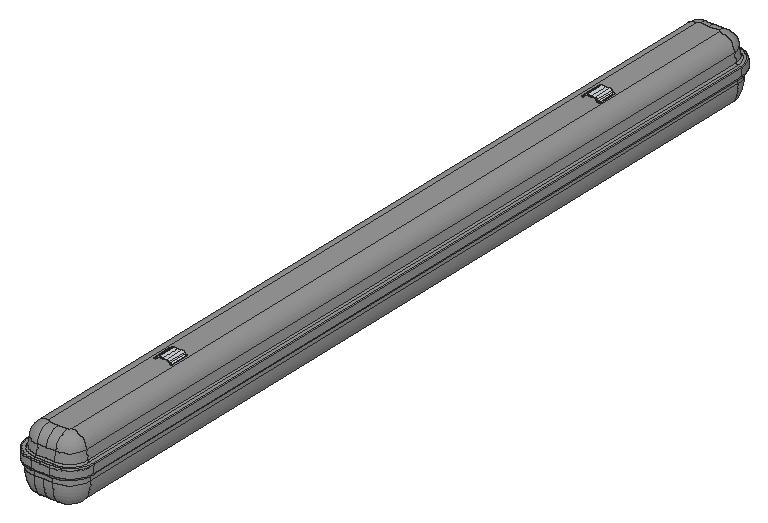
Revit family "63_UN_Lightline_WDO SV RS L1250_Norton", category Lighting Fixtures, Revit 2019
Family settings
  Round Connector Dimension = Use Diameter
  Part Type = Normal
  OmniClass Number = 23.80.70.11.14.11
  OmniClass Title = Downlights
  Work Plane-Based = No
  Always vertical = Yes
  Cut with Voids When Loaded = No
  Light Source = Yes
  Shared = No
  Room Calculation Point = Yes
Parameters (values of type "WDOSVRS 84 1 LM2600 1250")
  calc_length = Length - 40 mm  # 1242 mm
  Wattage Comments = "22W"
  Wattage = 18.8499 W
  built-in parameter 1150110 = 1 (stored number, unit not read)
  Voltage = 230 V
  URL = "https://www.ivlibrary.com/"
  Type Comments = "L1250"
  built-in parameter 1114217 = 1 (stored number, unit not read)
  Tilt Angle = 60.00°
  built-in parameter 1150109 = 1 (stored number, unit not read)
  built-in parameter 1150134 = 3
  Symbol_ToScale [instance] = not(Symbol_RealSize)  # yes
  Symbol_Size = Length / 100  # 12.82 mm
  Symbol_RealSize [instance] = no
  Switch Code [instance] = ""
  built-in parameter 1150113 = 1 (stored number, unit not read)
  Photometric Web File = "WDOSVRS 84 1 LM2600 1250_LDT.ies"
  Model = "WDO SV RS"
  Manufacturer = "Norton"
  built-in parameter 1150105 = 222.82 (stored number, unit not read)
  Luminous Flux (lm) = 2800 lm
  Lumens = 2800 lm
  built-in parameter 1150115 = 1 (stored number, unit not read)
  Luminaire Code [instance] = ""
  built-in parameter 1150137 = (empty or 0)
  built-in parameter 1150139 = (empty or 0)
  Length = 1282 mm
  built-in parameter 1150112 = 1 (stored number, unit not read)
  built-in parameter 1150114 = 1 (stored number, unit not read)
  Lamp = "LED"
  built-in parameter 1150132 = 2
  built-in parameter 1150102 = (empty or 0)
  built-in parameter 1150107 = 3200 (stored number, unit not read)
  built-in parameter 1150138 = (empty or 0)
  built-in parameter 1150106 = 2.2282 (stored number, unit not read)
  IfcExportType = "USERDEFINED"
  IfcExportAs = "IfcLightFixtureType"
  IP Value = "IP66"
  IK Value = "IK08"
  Housing_Material = Laminate, White
  Emit from Rectangle Width = calc_length  # 1242 mm
  Emit from Rectangle Length = 101 mm
  Emit Shape Visible in Rendering = no
  built-in parameter 1150104 = 13.8 (stored number, unit not read)
  Dimming Lamp Color Temperature Shift = <None>
  Description = ""
  Content Creator® = "www.ivlibrary.com"
  Color Filter = 16777215
  Bracket_Distance = 800 mm
  built-in parameter 1114218 = 1 (stored number, unit not read)
  built-in parameter 1150133 = 10 (stored number, unit not read)
  Assembly Code = "63.0"
  Apparent Load = 22 VA
Reference planes
  plane 1 "Center (Front/Back)": y = 0
  plane 2: z = 0
  plane 3 "Center (Left/Right)": x = 0
  plane 4: y = 621
  plane 5: y = -621
  plane 6: y = -637.192
  plane 7: y = 637
  plane 8: y = -400
  plane 9: y = 400
Forms (mm)
  Sweep 1, solid, material "Laminate, White" <- "Housing_Material"
    path origin (-26.25, 0, 0) x (1, 0, 0) y (0, 1, 0)
      loop
        line (26.25, -621) -> (40, -621)
        arc (40, -621) -> (50.607, -616.607) -> (55, -606) r 15
        line (55, -606) -> (55, 606)
        arc (55, 606) -> (50.607, 616.607) -> (40, 621) r 15
        line (40, 621) -> (26.25, 621)
    profile origin (28.75, 0, 0) x (-1, 0, 0) y (0, 0, 1)
      loop
        line (13.75, -55) -> (13.75, -5) -> (11.564, -5)
        arc (11.564, -5) -> (-3.391, -10.765) -> (-10.607, -25.076) r 22.28
        line (-10.607, -25.076) -> (-11.924, -38.327)
        arc (-11.924, -38.327) -> (-12.75, -39.965) -> (-14.462, -40.625) r 2.551
        line (-14.462, -40.625) -> (-19.75, -40.625)
        arc (-19.75, -40.625) -> (-20.811, -41.064) -> (-21.25, -42.125) r 1.5
        line (-21.25, -42.125) -> (-21.25, -53.5)
        arc (-21.25, -53.5) -> (-20.811, -54.561) -> (-19.75, -55) r 1.5
        line (-19.75, -55) -> (13.75, -55)
  Sweep 2, solid, material "Laminate, White" <- "Housing_Material"
    path origin (26.25, 0, 0) x (-1, 0, 0) y (0, 1, 0)
      loop
        line (26.25, -621) -> (40, -621)
        arc (40, -621) -> (50.607, -616.607) -> (55, -606) r 15
        line (55, -606) -> (55, 606)
        arc (55, 606) -> (50.607, 616.607) -> (40, 621) r 15
        line (40, 621) -> (26.25, 621)
    profile origin (-28.75, 0, 0) x (-1, 0, 0) y (0, 0, 1)
      loop
        line (-14.225, -55) -> (19.75, -55)
        arc (19.75, -55) -> (20.811, -54.561) -> (21.25, -53.5) r 1.5
        line (21.25, -53.5) -> (21.25, -42.125)
        arc (21.25, -42.125) -> (20.811, -41.064) -> (19.75, -40.625) r 1.5
        line (19.75, -40.625) -> (14.462, -40.625)
        arc (14.462, -40.625) -> (12.75, -39.965) -> (11.924, -38.327) r 2.551
        line (11.924, -38.327) -> (10.607, -25.076)
        arc (10.607, -25.076) -> (3.391, -10.765) -> (-11.564, -5) r 22.28
        line (-11.564, -5) -> (-14.225, -5) -> (-14.225, -55)
  Sweep 3, solid, material "Glass, White, High Luminance"
    path origin (0, 0, 0) x (1, 0, 0) y (0, 1, 0)
      loop
        arc (-44.95, -605.992) -> (-35.812, -628.054) -> (-13.75, -637.192) r 31.2
        line (-13.75, -637.192) -> (0, -637.192) -> (13.75, -637.192)
        arc (13.75, -637.192) -> (35.812, -628.054) -> (44.95, -605.992) r 31.2
        line (44.95, -605.992) -> (44.95, 605.8)
        arc (44.95, 605.8) -> (35.812, 627.862) -> (13.75, 637) r 31.2
        line (13.75, 637) -> (0, 637) -> (-13.75, 637)
        arc (-13.75, 637) -> (-35.812, 627.862) -> (-44.95, 605.8) r 31.2
        line (-44.95, 605.8) -> (-44.95, -605.992)
    profile origin (-44.95, -0.096, 0) x (-1, 0, 0) y (0, 0, 1)
      loop
        line (0, -65) -> (0, -55) -> (-30.425, -55) -> (-30.425, -99.972) -> (-28.319, -99.972)
        spline (-28.319, -99.972) -> (-22.316, -99.519) -> (-17.22, -98.236) -> (-12.957, -96.239) -> (-9.455, -93.641) -> (-6.64, -90.557) -> (-4.438, -87.103) -> (-2.776, -83.392) -> (-1.581, -79.539) -> (-0.779, -75.658) -> (-0.297, -71.865) -> (-0.062, -68.274) -> (0, -65)
  Extrusion 4, solid, material "Laminate, White" <- "Housing_Material"
    sketch origin (0, 0, 0) x (1, 0, 0) y (0, 1, 0)
      loop
        line (-14.525, 607.25) -> (-14.525, -607.25) -> (15, -607.25) -> (15, 607.25) -> (-14.525, 607.25)
    from -5 to -55
  Extrusion 5, solid, material "Glass, White, High Luminance"
    sketch origin (0, 0, 0) x (1, 0, 0) y (0, 1, 0)
      loop
        line (-14.525, 606.575) -> (-14.525, -606.767) -> (14.525, -606.767) -> (14.525, 606.575) -> (-14.525, 606.575)
    from -55 to -99.972
Cuts and joins
  joined: Sweep 1, Sweep 2, Extrusion 4
  joined: Sweep 3, Extrusion 5
Lines and regions (mm)
  symbolic lines, visible <- "Symbol_RealSize"
    curve 1: line (-49.402, 641, 0) -> (50.598, 641, 0)
    curve 2: line (-49.402, -641, 0) -> (-49.402, 641, 0)
    curve 3: line (50.598, -641, 0) -> (-49.402, -641, 0)
    curve 4: line (50.598, 641, 0) -> (50.598, -641, 0)
Dimensions and locks
  "calc_length": plane 4 to plane 5
  equal spacing: plane 4, plane 1 "Center (Front/Back)", plane 5
  locked: plane 5 to plane 6 at 16.192
  locked: plane 7 to plane 4 at 16
  locked: Sweep 3 to plane 5 at 14.233
  locked: plane 4 to Extrusion 4 sketch curve at 13.75
  locked: Extrusion 5 sketch curve to plane 5 at 14.233
  locked: plane 4 to Extrusion 5 sketch curve at 14.425
  equal spacing: plane 8, plane 1 "Center (Front/Back)", plane 9
  "Bracket_Distance": plane 8 to plane 9
  equal spacing: curve 1, plane 1 "Center (Front/Back)", curve 3
  "Length": curve 3 to curve 1
  aligned and locked: level to plane 2
  aligned and locked: plane 4 to Sweep 2 sketch curve
  aligned and locked: plane 5 to Sweep 2 sketch curve
  aligned and locked: Sweep 1 sketch curve to plane 4
  aligned and locked: Sweep 1 sketch curve to plane 5
  aligned and locked: plane 6 to Sweep 3 sketch curve
  aligned and locked: plane 7 to Sweep 3 sketch curve  (x2)
  aligned and locked: plane 8 to nested 1
  aligned and locked: plane 9 to nested 2
Automatic sketch dimensions
  Extrusion 5 sketch curve to plane 3 "Center (Left/Right)" = 14.525 mm
  plane 3 "Center (Left/Right)" to Extrusion 5 sketch curve = 14.525 mm
  Sweep 1 sketch curve to plane 3 "Center (Left/Right)" = 0 mm  (x2)
  plane 3 "Center (Left/Right)" to Sweep 1 sketch curve = 13.75 mm  (x2)
  Sweep 1 sketch curve to plane 4 = 15 mm
  profile plane to Sweep 1 sketch curve = 21.25 mm
  Sweep 1 sketch curve to Sweep 1 sketch curve = 1.5 mm  (x2)
  Sweep 1 sketch curve to Sweep 1 sketch curve = 5.288 mm
  Sweep 1 sketch curve to Sweep 1 sketch curve = 2.538 mm
  profile plane to Sweep 1 sketch curve = 10.607 mm
  Sweep 1 sketch curve to level = 5 mm
  Sweep 1 sketch curve to profile plane = 11.564 mm
  Sweep 1 sketch curve to Sweep 1 sketch curve = 2.186 mm
  Sweep 1 sketch curve to level = 25.076 mm
  Sweep 1 sketch curve to Sweep 1 sketch curve = 12.998 mm
  Sweep 1 sketch curve to Sweep 1 sketch curve = 0.252 mm
  Sweep 1 sketch curve to Sweep 1 sketch curve = 11.375 mm
  Sweep 2 sketch curve to plane 3 "Center (Left/Right)" = 0 mm  (x2)
  plane 3 "Center (Left/Right)" to Sweep 2 sketch curve = 13.75 mm  (x2)
  plane 4 to Sweep 2 sketch curve = 15 mm
  profile plane to Sweep 2 sketch curve = 14.225 mm
  profile plane to Sweep 2 sketch curve = 11.564 mm
  Sweep 2 sketch curve to profile plane = 10.607 mm
  Sweep 2 sketch curve to profile plane = 11.924 mm
  Sweep 2 sketch curve to Sweep 2 sketch curve = 2.538 mm
  Sweep 2 sketch curve to Sweep 2 sketch curve = 5.288 mm  (x2)
  Sweep 2 sketch curve to Sweep 2 sketch curve = 1.5 mm
  Sweep 2 sketch curve to level = 55 mm
  Sweep 2 sketch curve to Sweep 2 sketch curve = 11.375 mm
  Sweep 2 sketch curve to Sweep 2 sketch curve = 2.298 mm
  Sweep 2 sketch curve to Sweep 2 sketch curve = 11.047 mm
  Sweep 2 sketch curve to Sweep 2 sketch curve = 13.25 mm
  Sweep 3 sketch curve to plane 3 "Center (Left/Right)" = 0 mm  (x2)
  Sweep 3 sketch curve to plane 3 "Center (Left/Right)" = 13.75 mm  (x2)
  Sweep 3 sketch curve to plane 4 = 15.2 mm  (x2)
  plane 3 "Center (Left/Right)" to Sweep 3 sketch curve = 13.75 mm  (x2)
  Sweep 3 sketch curve to profile plane = 0 mm
  profile plane to Sweep 3 sketch curve = 28.319 mm
  Sweep 3 sketch curve to Sweep 3 sketch curve = 2.106 mm
  Sweep 3 sketch curve to level = 99.972 mm
  Sweep 3 sketch curve to Sweep 3 sketch curve = 34.972 mm
  Sweep 3 sketch curve to Sweep 3 sketch curve = 10 mm
  Extrusion 4 sketch curve to plane 3 "Center (Left/Right)" = 14.525 mm
  plane 3 "Center (Left/Right)" to Extrusion 4 sketch curve = 15 mm
  plane 5 to Extrusion 4 sketch curve = 13.75 mm
  curve 3 to plane 3 "Center (Left/Right)" = 49.402 mm
  plane 3 "Center (Left/Right)" to curve 3 = 50.598 mm
Nested families
  nested 1: "norton bracket" at (0, -400, 0) x (-1, 0, 0) z (0, 0, 1), type "norton bracket"
  nested 2: "norton bracket" at (0, 400, 0), type "norton bracket"
  nested 3: "Lightline Symbol" at (0, 0, 0), Length <- "Symbol_Size", visible <- "Symbol_ToScale", type "symbol"
    with Length 12.82 mm
Connectors
  electrical at (0, 0, 0), driven by "Voltage", driven by "Apparent Load"
    settings: index 1, voltage 230 V, apparent load 0 VA, apparent load phase1 22 VA, apparent load phase2 0 VA, apparent load phase3 0 VA, power factor 1, load classification "Lighting", number of poles 1, system type 31, power factor state 1, is connector primary yes, connector utility no, sub classification motor no, connector description ""
Definition of nested family "norton bracket"
  Reference planes
    plane 1: y = 0
    plane 2: z = 0
    plane 3: x = 0
    plane 4 "Center (Left/Right)": x = 0
  Forms (mm)
    Extrusion 1, solid
      sketch origin (0, 14.135, 0) x (1, 0, 0) y (0, 0, -1)
        loop
          line (0, 0) -> (6.136, 0)
          arc (6.136, 0) -> (8.007, 0.491) -> (9.396, 1.837) r 3.81
          line (9.396, 1.837) -> (10.271, 3.284)
          arc (10.271, 3.284) -> (11.163, 4.149) -> (12.365, 4.464) r 2.447
          line (12.365, 4.464) -> (13.658, 4.464) -> (13.658, 5.264) -> (12.365, 5.264)
          arc (12.365, 5.264) -> (10.77, 4.846) -> (9.587, 3.698) r 3.247
          line (9.587, 3.698) -> (8.753, 2.321)
          arc (8.753, 2.321) -> (7.656, 1.258) -> (6.178, 0.87) r 3.01
          line (6.178, 0.87) -> (0, 0.87) -> (-6.178, 0.87)
          arc (-6.178, 0.87) -> (-7.656, 1.258) -> (-8.753, 2.321) r 3.01
          line (-8.753, 2.321) -> (-9.587, 3.698)
          arc (-9.587, 3.698) -> (-10.77, 4.846) -> (-12.365, 5.264) r 3.247
          line (-12.365, 5.264) -> (-13.658, 5.264) -> (-13.658, 4.464) -> (-12.365, 4.464)
          arc (-12.365, 4.464) -> (-11.163, 4.149) -> (-10.271, 3.284) r 2.447
          line (-10.271, 3.284) -> (-9.396, 1.837)
          arc (-9.396, 1.837) -> (-8.007, 0.491) -> (-6.136, 0) r 3.81
          line (-6.136, 0) -> (0, 0)
      from 0 to -28.271
  Automatic sketch dimensions
    Extrusion 1 sketch curve to Extrusion 1 sketch curve = 0 mm  (x8)
    Extrusion 1 sketch curve to Extrusion 1 sketch curve = 6.136 mm  (x2)
    Extrusion 1 sketch curve to Extrusion 1 sketch curve = 0.871 mm  (x2)
    Extrusion 1 sketch curve to Extrusion 1 sketch curve = 2.956 mm  (x2)
    Extrusion 1 sketch curve to Extrusion 1 sketch curve = 0.804 mm  (x4)
    Extrusion 1 sketch curve to Extrusion 1 sketch curve = 1.61 mm  (x2)
    Extrusion 1 sketch curve to Extrusion 1 sketch curve = 0.8 mm  (x4)
    Extrusion 1 sketch curve to Extrusion 1 sketch curve = 2.447 mm
    Extrusion 1 sketch curve to Extrusion 1 sketch curve = 1.293 mm  (x2)
    Extrusion 1 sketch curve to Extrusion 1 sketch curve = 2.403 mm
    Extrusion 1 sketch curve to Extrusion 1 sketch curve = 0.87 mm  (x2)
    Extrusion 1 sketch curve to Extrusion 1 sketch curve = 3.36 mm  (x2)
    Extrusion 1 sketch curve to Extrusion 1 sketch curve = 2.975 mm  (x2)
    Extrusion 1 sketch curve to Extrusion 1 sketch curve = 1.691 mm  (x2)
Definition of nested family "Lightline Symbol"
  Parameters (values of type "Family2")
    Length [instance] = 6.7 mm
  Reference planes
    plane 1: y = 0
    plane 2: x = 0
  Lines and regions (mm)
    detail lines
      curve 1: line (0.5, 3.35, 0) -> (-0.5, 3.35, 0)
      curve 2: line (0.5, -3.35, 0) -> (0.5, 3.35, 0)
      curve 3: line (-0.5, -3.35, 0) -> (0.5, -3.35, 0)
      curve 4: line (-0.5, 3.35, 0) -> (-0.5, -3.35, 0)
  Dimensions and locks
    "Length": curve 1 to curve 3
    equal spacing: curve 1, plane 1, curve 3
  Automatic sketch dimensions
    curve 1 to plane 2 = 0.5 mm
    plane 2 to curve 3 = 0.5 mm
